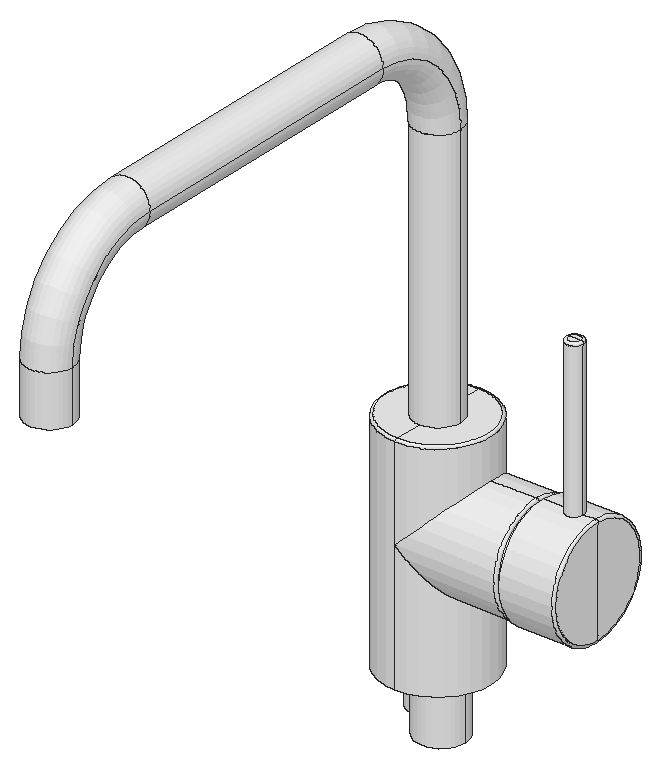
Revit family "Mixer-Sink-Irwell Pin Lever-Square", category Plumbing Fixtures, host Face, Revit 2013
Parameters (values of type "Standard")
  Waste Connection = no
  Vent Connection = no
  URL = "www.irwell.com.au"
  Type Comments = "Irwell Pin Lever Sink Mixer - Square Outlet"  # constant formula
  ModifiedIssue_ANZRS = 2013.1  # constant formula
  Model = "872561C4A"  # constant formula
  Material_ANZRS = Metal-Chrome-Caroma
  Manufacturer = "GWA Bathrooms & Kitchens"  # constant formula
  HWFU = 1.98  # constant formula
  HW Connection = yes
  Description = "WELS 4 Star Rated, 7.5L/min"  # constant formula
  Default Elevation = 0 mm
  CreatedBy_ANZRS = "Design Content"  # constant formula
  CreatedByURL_ANZRS = "www.designcontent.com.au"
  Cost = 0
  Connector Radius = 10 mm
  CWFU = 1.98  # constant formula
  CW Connection = yes
  Assembly Code = "C1030210"
Reference planes
  plane 1 "Center (Front/Back)": y = 0
  plane 2: z = 0
  plane 3 "Center (Left/Right)": x = 0
Forms (mm)
  Revolve 1, solid, material "Metal-Chrome-Caroma" <- "Material_ANZRS"
    sketch origin (0, 0, 0) x (1, 0, 0) y (0, 0, 1)
      loop
        line (58.974, 140.027) -> (56.427, 140.027) -> (56.427, 65.045) -> (59.951, 65.045) -> (59.951, 139.051)
        arc (59.951, 139.051) -> (59.665, 139.741) -> (58.974, 140.027) r 0.977
      axis (56.427, 140.027) -> (56.427, 65.045)
    angle from 0 to 360
  Extrusion 2, solid, material "Metal-Chrome-Caroma" <- "Material_ANZRS"
    sketch origin (14.142, 0, 0) x (1, 0, 0) y (0, 1, 0)
      loop
        circle (-7.071, -7.071) r 10
    from -20 to 0
  Extrusion 3, solid, material "Metal-Chrome-Caroma" <- "Material_ANZRS"
    sketch origin (-14.142, 0, 0) x (-1, 0, 0) y (0, -1, 0)
      loop
        circle (-7.071, -7.071) r 10
    from -20 to 0
  Revolve 4, solid, material "Metal-Chrome-Caroma" <- "Material_ANZRS"
    sketch origin (0, 0, 0) x (0, 1, 0) y (0, 0, 1)
      loop
        line (-21.949, 0) -> (0, 0) -> (0, 92.5) -> (-20.952, 92.5)
        arc (-20.952, 92.5) -> (-21.657, 92.208) -> (-21.949, 91.503) r 0.997
        line (-21.949, 91.503) -> (-21.949, 0)
      axis (0, 0) -> (0, 92.5)
    angle from 0 to 360
  Sweep 5, solid, material "Metal-Chrome-Caroma" <- "Material_ANZRS"
    path origin (0, 0, 0) x (0, 1, 0) y (0, 0, 1)
      loop
        line (0, 92.5) -> (0, 200.604)
        arc (0, 200.604) -> (-11.716, 228.889) -> (-40, 240.604) r 40
        line (-40, 240.604) -> (-160.005, 240.604)
        arc (-160.005, 240.604) -> (-188.289, 228.889) -> (-200.005, 200.604) r 40
        line (-200.005, 200.604) -> (-200.005, 179.555)
    profile origin (0, 0, 146.552) x (0, -1, 0) y (1, 0, 0)
      loop
        circle (0, 0) r 9.5
  Revolve 6, solid, material "Metal-Chrome-Caroma" <- "Material_ANZRS"
    sketch origin (31.461, 0, 9.021) x (1, 0, 0) y (0, 0, 1)
      loop
        line (-31.461, 44.479) -> (34.548, 44.479) -> (34.548, 66.204)
        arc (34.548, 66.204) -> (34.255, 66.911) -> (33.548, 67.204) r 1
        line (33.548, 67.204) -> (12.048, 67.204) -> (12.048, 64.957)
        arc (12.048, 64.957) -> (11.051, 65.214) -> (10.042, 65.418) r 19.477
        arc (10.042, 65.418) -> (9.748, 66.128) -> (9.039, 66.422) r 1.004
        line (9.039, 66.422) -> (-31.461, 66.422) -> (-31.461, 44.479)
      axis (-31.461, 44.479) -> (34.548, 44.479)
    angle from 0 to 360
Cuts and joins
  joined: Revolve 1, Revolve 4, Sweep 5, Revolve 6
Lines and regions (mm)
  Masking region 1
    outline origin (0, 0, 0) x (1, 0, 0) y (0, 0, 1)
      loop
        line (21.981, 0) -> (21.981, 31.556) -> (40.5, 31.556)
        arc (40.5, 31.556) -> (41.21, 31.85) -> (41.504, 32.56) r 1.004
        arc (41.504, 32.56) -> (42.513, 32.764) -> (43.51, 33.022) r 19.477
        line (43.51, 33.022) -> (43.51, 30.774) -> (65.01, 30.774)
        arc (65.01, 30.774) -> (65.717, 31.067) -> (66.01, 31.774) r 1
        line (66.01, 31.774) -> (66.01, 53.5) -> (66.01, 75.226)
        arc (66.01, 75.226) -> (65.717, 75.933) -> (65.01, 76.226) r 1
        line (65.01, 76.226) -> (59.951, 76.226) -> (59.951, 139.028)
        arc (59.951, 139.028) -> (59.658, 139.735) -> (58.951, 140.028) r 1
        line (58.951, 140.028) -> (53.903, 140.028)
        arc (53.903, 140.028) -> (53.196, 139.735) -> (52.903, 139.028) r 1
        line (52.903, 139.028) -> (52.903, 76.226) -> (43.51, 76.226) -> (43.51, 73.978)
        arc (43.51, 73.978) -> (42.513, 74.236) -> (41.504, 74.44) r 19.477
        arc (41.504, 74.44) -> (41.21, 75.15) -> (40.5, 75.444) r 1.004
        line (40.5, 75.444) -> (21.981, 75.444) -> (21.981, 91.503)
        arc (21.981, 91.503) -> (21.689, 92.208) -> (20.984, 92.5) r 0.997
        line (20.984, 92.5) -> (9.5, 92.5) -> (9.5, 240.584)
        arc (9.5, 240.584) -> (0, 250.084) -> (-9.5, 240.584) r 9.5
        line (-9.5, 240.584) -> (-9.5, 92.5) -> (-20.984, 92.5)
        arc (-20.984, 92.5) -> (-21.689, 92.208) -> (-21.981, 91.503) r 0.997
        line (-21.981, 91.503) -> (-21.981, 0) -> (21.981, 0)
  Masking region 2
    outline origin (0, 0, 0) x (1, 0, 0) y (0, 1, 0)
      loop
        line (9.5, -200.005) -> (9.5, -21.944) -> (40.5, -21.944)
        arc (40.5, -21.944) -> (41.21, -21.65) -> (41.504, -20.94) r 1.004
        arc (41.504, -20.94) -> (42.513, -20.736) -> (43.51, -20.478) r 19.477
        line (43.51, -20.478) -> (43.51, -22.726) -> (65.01, -22.726)
        arc (65.01, -22.726) -> (65.717, -22.433) -> (66.01, -21.726) r 1
        line (66.01, -21.726) -> (66.01, 21.726)
        arc (66.01, 21.726) -> (65.717, 22.433) -> (65.01, 22.726) r 1
        line (65.01, 22.726) -> (43.51, 22.726) -> (43.51, 20.478)
        arc (43.51, 20.478) -> (42.513, 20.736) -> (41.504, 20.94) r 19.477
        arc (41.504, 20.94) -> (41.21, 21.65) -> (40.5, 21.944) r 1.004
        line (40.5, 21.944) -> (-0.472, 21.944)
        arc (-0.472, 21.944) -> (-21.452, 4.641) -> (-9.5, -19.786) r 21.949
        line (-9.5, -19.786) -> (-9.5, -200.005)
        arc (-9.5, -200.005) -> (0, -209.505) -> (9.5, -200.005) r 9.5
  symbolic lines
    curve 1: line (0, 0, 53.5) -> (21.949, 0, 75.444)
    curve 2: line (0, 0, 53.5) -> (21.981, 0, 31.556)
    curve 3: line (41.504, 0, 32.56) -> (41.504, 0, 74.44)
    curve 4: line (43.51, 0, 73.978) -> (43.51, 0, 33.022)
    curve 5: arc (52.903, 0, 76.226) -> (56.427, 0, 75.942) -> (59.951, 0, 76.226) r 22.007
    curve 6: line (-9.5, 0, 92.5) -> (9.5, 0, 92.5)
    curve 7: line (-9.5, 0, 179.555) -> (9.5, 0, 179.555)
    curve 8: arc (9.5, -19.786, 0) -> (0, 21.949, 0) -> (-9.5, -19.786, 0) r 21.949
    curve 9: line (9.5, -21.944, 0) -> (9.5, 0, 0)
    curve 10: line (-9.5, -19.786, 0) -> (-9.5, 0, 0)
    curve 11: arc (-9.5, 0, 0) -> (0, 9.5, 0) -> (9.5, 0, 0) r 9.5
    curve 12: arc (59.951, 0, 0) -> (56.427, 3.524, 0) -> (52.903, 0, 0) r 3.524
    curve 13: arc (52.903, 0, 0) -> (56.427, -3.524, 0) -> (59.951, 0, 0) r 3.524
    curve 14: line (43.51, 20.478, 0) -> (43.51, -20.478, 0)
    curve 15: line (41.504, 20.94, 0) -> (41.504, -20.94, 0)
Dimensions and locks
  aligned and locked: plane 2 to host face
  aligned and locked: level to host face
Connectors
  piping at (7.071, -7.071, -20), driven by "Connector Radius", driven by "CWFU"
    settings: on Extrusion 2, index 3, connector radius 0.3937", flow factor 0, pipe flow 0 GPM, pressure drop 0.00 psi, fitting loss kfactor 0, connector angle 0.00°, fixture units 1.98, engagement length 0 mm, flow configuration 3, flow direction 1, fitting loss method 1, system type 20, joint type 0, gender type 0, connector reference index -1, connector utility 0, adjustable connector no, is connector primary yes, fitting loss table "Outlet", connector description "Cold Inlet"
  piping at (-7.071, 7.071, -20), driven by "Connector Radius", driven by "HWFU"
    settings: on Extrusion 3, index 4, connector radius 0.3937", flow factor 0, pipe flow 0 GPM, pressure drop 0.00 psi, fitting loss kfactor 0, connector angle 0.00°, fixture units 1.98, engagement length 0 mm, flow configuration 3, flow direction 1, fitting loss method 1, system type 19, joint type 0, gender type 0, connector reference index -1, connector utility 0, adjustable connector no, is connector primary no, fitting loss table "Outlet", connector description "Hot Inlet"
